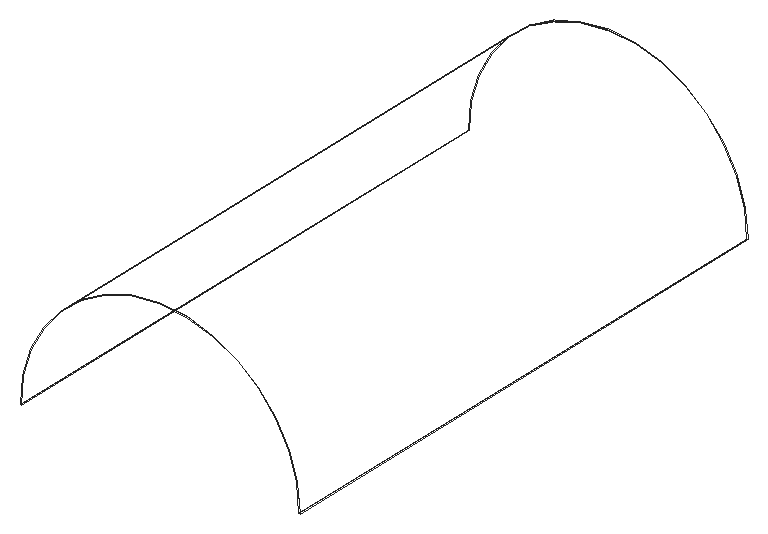
Revit family "SkylightScreen_KeeSafety_StandingSeamStyle", category Generic Models, Revit 2026
Family settings
  Can host rebar = No
  Round Connector Dimension = Use Diameter
  Part Type = Normal
  Classification Number = 23.30.80.11
  Work Plane-Based = Yes
  Always vertical = Yes
  Cut with Voids When Loaded = No
  Maintain Annotation Orientation = No
  Shared = No
  Room Calculation Point = No
Parameters
  Unit Width [instance] = 2' - 6"
  Unit Depth [instance] = 5' - 0"
  URL = "keesafety.com"
  Specification = "http://www.arcat.com/sd/clients/keeind.html?coid=33541"
  Send Message = "http://www.arcat.com/users.pl?action=UserEmail&company=Kee+Safety,+Inc.&coid=33541&rep=106&fax=716-896-5696&mf="
  Sales Information = "http://www.keesafety.com/info_request_new.asp?param=usenyy"
  Revision = "R1_11-2012"
  Product Properties = "http://www.arcat.com/arcatcos/cos33/arc33541.html"
  Product Data = "http://www.arcat.com/arcatcos/cos33/arc33541.html"
  Model = "Standing Seam Style"
  Material = Kee-Safety_Skylight-Screen
  Manufacturer Website = "keesafety.com"
  Manufacturer Phone - Toll Free = "800-851-5181"
  Manufacturer Phone = "716-896-4949"
  Manufacturer Fax = "716-896-5696"
  Manufacturer Address = "100 Stradtman St. Buffalo, NY 14206"
  Manufacturer = "Kee Safety, Inc."
  Maintenance Schedule (Months) = 12
  Keynote = "05 52 00"
  Installation Phase = "Skylight Screen"
  Green Building-LEED = "http://www.arcat.com/details/keeind/keeind.html?coid=33541"
  Drawn By = "Sumex Design, Inc. / Robert S. Weygant, CSI, CDT, SCIP"
  Description = "Skylight Screen - Standing Seam Style"
  Default Elevation = 0' - 0"
  Copyright = "2012, ARCAT, Inc"
  Construction Details = "http://www.arcat.com/details/keeind/keeind.html?coid=33541"
  Company_ID = 33541
  Assembly Code = "B3020230"
Reference planes (in)
  plane 1 "Center (Front/Back)": y = 0
  plane 2: z = 0
  plane 3 "Center (Left/Right)": x = 0
  plane 4 "Front Plane": y = -30
  plane 5 "Back Plane": y = 30
  plane 6 "Right Plane": x = 15
  plane 7 "Left Plane": x = -15
Forms (in)
  Sweep 1, solid, material "Kee-Safety_Skylight-Screen" <- "Material"
    path origin (0, 0, 0) x (1, 0, 0) y (0, 1, 0)
      loop
        line (0, 30) -> (0, -30)
    profile origin (0, 0, 0) x (1, 0, 0) y (0, 0, 1)
      loop
        arc (15, 0) -> (0, 15) -> (-15, 0) r 15
        line (-15, 0) -> (-14.875, 0)
        arc (-14.875, 0) -> (0, 14.875) -> (14.875, 0) r 14.875
        line (14.875, 0) -> (15, 0)
Dimensions and locks (in)
  equal spacing: plane 4 "Front Plane", plane 1 "Center (Front/Back)", plane 5 "Back Plane"
  equal spacing: plane 7 "Left Plane", plane 3 "Center (Left/Right)", plane 6 "Right Plane"
  "Unit Width": plane 7 "Left Plane" to plane 6 "Right Plane"
  "Unit Depth": plane 4 "Front Plane" to plane 5 "Back Plane"
  locked: Sweep 1 sketch curve to plane 7 "Left Plane" at 0.125
  locked: plane 6 "Right Plane" to Sweep 1 sketch curve at 0.125
  aligned and locked: Sweep 1 sketch curve to plane 3 "Center (Left/Right)"
  aligned and locked: plane 5 "Back Plane" to Sweep 1 sketch curve
  aligned and locked: plane 4 "Front Plane" to Sweep 1 sketch curve
  aligned and locked: plane 7 "Left Plane" to Sweep 1 sketch curve
  aligned and locked: plane 6 "Right Plane" to Sweep 1 sketch curve
Automatic sketch dimensions
  Sweep 1 sketch curve to level = 0' - 0"
